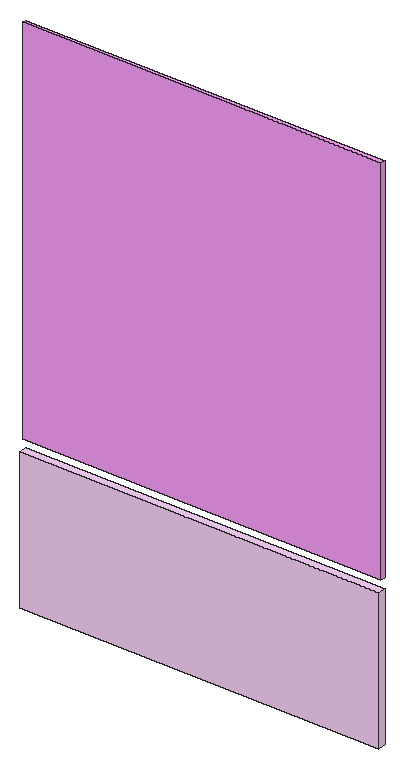
Revit family "EXP_WT-1A_CPan-018", category Curtain Panels, Revit 2021
Family settings
  OmniClass Number = 23.25.20.14.11.11.17
  OmniClass Title = Infill Panels
  Always vertical = Yes
  Cut with Voids When Loaded = No
  Shared = No
Parameters (values of type "H2 = 3' 7 1/2"")
  codifica [instance] = 900000
  UI-UnitNumber [instance] = "001"
  UI-Quadrant [instance] = "SE"
  UI-ProjectAbbreviation = "NEU"
  UI-ItemCategory = "PID"
  UI-FloorNumber [instance] = "03"
  PNT-WallType = "WT1A"
  PNT-ProjectAbbreviation = "NEU"
  PNT-PanelType [instance] = "01"
  PNT-ItemCategory = "PNL"
  GlassSPH2(x2) [instance] = 0' - 2 3/16"
  GlassSPH1 [instance] = 0' - 1 1/8"
  GlassH2 [instance] = IG-1F(Glass)
  GlassH1 [instance] = IG-3F(Glass)
  Define Thermal Properties by = Schematic Type
  CellSp = 0' - 10 3/16"
  CellL [instance] = 8' - 10"
  CellH2 = 3' - 7 1/2"
  CellH1 [instance] = CellH - CellH2  # 9' - 3 1/2"
  CellH [instance] = 12' - 11"
  Analytic Construction = "<None>"
Reference planes (in)
  plane 1 "Center (Front/Back)": y = 0
  plane 2: z = 0
  plane 3 "Center (Left/Right)": x = 0
  plane 4 "Left": x = -53
  plane 5 "Right": x = 53
  plane 6 "Top": z = 155
  plane 7: z = 43.5
  plane 8: y = -10.1875
Forms (in)
  Extrusion 1, solid, material "IG-1F(Glass)" <- "GlassH2", detail levels coarse+medium
    sketch origin (0, 0, 0) x (0, 1, 0) y (0, 0, 1)
      loop
        line (-10.1875, 43.5) -> (-10.1875, 0) -> (0, 0) -> (0, 43.5) -> (-10.1875, 43.5)
    from -53 to 53
  Extrusion 2, solid, material "IG-3F(Glass)" <- "GlassH1", detail levels coarse+medium
    sketch origin (0, 0, 0) x (0, 1, 0) y (0, 0, 1)
      loop
        line (-10.1875, 155) -> (-10.1875, 43.5) -> (0, 43.5) -> (0, 155) -> (-10.1875, 155)
    from -53 to 53
Text (in)
  text "Exterior" at (-92.59733, 55.75508, 0), in view "Ref. Level"
  text "Exterior" at (0, 90.18664, 173.49264), in view "Left"
  text "Exterior" at (0, 52.29083, 162.21847), in view "Right"
Dimensions and locks (in)
  equal spacing: plane 4 "Left", plane 3 "Center (Left/Right)", plane 5 "Right"  (x2)
  "CellH2": plane 2 to plane 7
  "CellH1": plane 7 to plane 6 "Top"
  Extrusion 2 sketch curve to Extrusion 2 sketch curve = 0' - 10 3/16"
  "CellL": plane 4 "Left" to plane 5 "Right"
  "CellH": plane 2 to plane 6 "Top"
  "CellSp": plane 8 to plane 1 "Center (Front/Back)"
  aligned and locked: level to plane 2
  aligned and locked: Extrusion 1 sketch curve to plane 7
  aligned and locked: plane 8 to Extrusion 1 sketch curve
  aligned and locked: level to Extrusion 1 sketch curve
  aligned and locked: plane 1 "Center (Front/Back)" to Extrusion 1 sketch curve
  aligned and locked: plane 4 "Left" to Extrusion 1
  aligned and locked: Extrusion 1 to plane 5 "Right"
  aligned and locked: plane 6 "Top" to Extrusion 2 sketch curve
  aligned and locked: plane 8 to Extrusion 2 sketch curve
  aligned and locked: Extrusion 2 to plane 5 "Right"
  aligned and locked: plane 4 "Left" to Extrusion 2
  aligned and locked: Extrusion 2 to plane 1 "Center (Front/Back)"
  aligned and locked: nested 1 to Extrusion 1  (x2)
  aligned and locked: nested 1 to plane 5 "Right"
  aligned and locked: nested 2 to Extrusion 2  (x2)
  aligned and locked: nested 2 to level
  aligned and locked: plane 1 "Center (Front/Back)" to nested 3
  aligned and locked: plane 5 "Right" to nested 3
  aligned and locked: plane 4 "Left" to nested 3
  aligned and locked: Extrusion 2 to plane 6 "Top"
  aligned and locked: Extrusion 1 to level
  aligned and locked: plane 1 "Center (Front/Back)" to nested 4
  aligned and locked: plane 7 to nested 4
  aligned and locked: plane 4 "Left" to nested 4
  aligned and locked: plane 5 "Right" to nested 4
  aligned and locked: plane 2 to nested 4
  aligned and locked: plane 1 "Center (Front/Back)" to nested 5
  aligned and locked: nested 5 to plane 6 "Top"
  aligned and locked: plane 7 to nested 5
  aligned and locked: plane 5 "Right" to nested 5
  aligned and locked: plane 4 "Left" to nested 5
Automatic sketch dimensions
  Extrusion 2 sketch curve to plane 7 = 0' - 0"
Nested families (in)
  nested 1: "EXP_WT-1A_DetO-001" at (-53, 0, 0), type "EXP_WT-1A_DetO-001"
    with built-in parameter 1001306 8.8333 (stored number, unit not read)
  nested 2: "EXP_WT-1A_DetO-003" at (0, 0, 155) x (0, 0, -1) z (1, 0, 0), CellH1 <- "CellH1", CellH2 <- "CellH2", type "EXP_WT-1A_DetO-003"
    with built-in parameter 1001306 12.917 (stored number, unit not read), CellH2 3' - 7 1/2", CellH1 9' - 3 1/2"
  nested 3: "EXP_xx_DetO-002" at (0, 0, 0), CellH <- "CellH", CellL <- "CellL", type "EXP_xx_DetO-002", detail levels coarse
    with CellL 8' - 10", CellH 12' - 11"
  nested 4: "EXP_WT-1x_IG-001" at (0, 0, 21.75), MaterialGlass <- "GlassH2", GlassSP <- "GlassSPH2(x2)", type "GlassSP = H", detail levels fine
    with MaterialGlass IG-1F(Glass), GlassSP 0' - 2 3/16", GlassL 8' - 8.12549", GlassH 3' - 4.62598", CellL 8' - 10", CellH 3' - 7 1/2"
  nested 5: "EXP_WT-1x_IG-001" at (0, 0, 99.25), MaterialGlass <- "GlassH1", GlassSP <- "GlassSPH1", type "GlassSP = H", detail levels fine
    with MaterialGlass IG-3F(Glass), GlassSP 0' - 1 1/8", GlassL 8' - 8.12549", GlassH 9' - 0.62598", CellL 8' - 10", CellH 9' - 3 1/2"
Definition of nested family "EXP_WT-1x_IG-001"
  Parameters (values of type "H2 _ GlassSP = 1 1/4"")
    MaterialGlass [instance] = none
    GlassSP [instance] = 0' - 1 1/4"
    GlassL [instance] = CellL - (GlassD1 + GlassD3)  # 3' - 10.94439"
    GlassH [instance] = CellH - (GlassD2 + GlassD4)  # 6' - 6.64788"
    GlassD4 = 0' - 1.43701"
    GlassD3 = 0' - 0.93701"
    GlassD2 = 0' - 0 1/2"
    GlassD1 = 0' - 0 15/16"
    GMPI-ProjectAbbreviation = "NEU"
    GMPI-IteamCategory = "GLS"
    Default Elevation = 0' - 0"
    CellL [instance] = 4' - 0.8189"
    CellH [instance] = 6' - 8.58489"
  Types (12): name | GlassSP | GlassL | GlassH | GlassD4 | GlassD2 | GlassD1
    H2(x2) _ GlassSP = 2 1/8" | 0' - 2.12598" | 3' - 10.94488" | 6' - 6.64788" | 0' - 1.43701" | 0' - 0 1/2" | 0' - 0.93701"
    H1 _ GlassSP = 1 1/4" | 0' - 1 1/4" | 3' - 10.94439" | 6' - 6.89739" | 0' - 0 1/4" | 0' - 1 7/16" | 0' - 0 15/16"
    H2(x3) _ GlassSP = 2 1/8" | 0' - 2.12598" | 3' - 10.94488" | 6' - 7.83489" | 0' - 0 1/4" | 0' - 0 1/2" | 0' - 0.93701"
    H3 _ GlassSP = 1 1/4" | 0' - 1 1/4" | 3' - 10.94439" | 6' - 6.64788" | 0' - 1.43701" | 0' - 0 1/2" | 0' - 0 15/16"
    H _ GlassSP = 2 1/8" | 0' - 2.12598" | 3' - 10.94488" | 6' - 5.71088" | 0' - 1.43701" | 0' - 1.43701" | 0' - 0.93701"
    H _ GlassSP = 1 1/4" | 0' - 1 1/4" | 3' - 10.94439" | 6' - 5.71088" | 0' - 1.43701" | 0' - 1.43701" | 0' - 0 15/16"
    H2 _ GlassSP = 1 1/4" | 0' - 1 1/4" | 3' - 10.94439" | 6' - 6.64788" | 0' - 1.43701" | 0' - 0 1/2" | 0' - 0 15/16"
    GlassSP = H | 0' - 1 1/4" | 3' - 10.94439" | 6' - 5.71088" | 0' - 1.43701" | 0' - 1.43701" | 0' - 0 15/16"
    GlassSP = H3 | 0' - 1 1/4" | 3' - 10.94439" | 6' - 6.64788" | 0' - 1.43701" | 0' - 0 1/2" | 0' - 0 15/16"
    GlassSP = H2(x3) | 0' - 2.12598" | 3' - 10.94488" | 6' - 7.83489" | 0' - 0 1/4" | 0' - 0 1/2" | 0' - 0.93701"
    GlassSP = H2(x2) | 0' - 2.12598" | 3' - 10.94488" | 6' - 6.64788" | 0' - 1.43701" | 0' - 0 1/2" | 0' - 0.93701"
    GlassSP = H1 | 0' - 1 1/4" | 3' - 10.94439" | 6' - 6.89739" | 0' - 0 1/4" | 0' - 1 7/16" | 0' - 0 15/16"
  Reference planes (in)
    plane 1 "Center (Front/Back)": y = 0
    plane 2: z = 0
    plane 3 "Center (Left/Right)": x = 0
    plane 4: x = -24.40945
    plane 5: x = 24.40945
    plane 6: z = 40.29245
    plane 7: x = -23.47195
    plane 8: x = 23.47244
    plane 9: z = -40.29245
    plane 10: z = 39.79245
    plane 11: z = -38.85544
  Forms (in)
    Extrusion 1, solid, material <- "MaterialGlass"
      sketch origin (0, 0, 0) x (1, 0, 0) y (0, 0, 1)
        loop
          line (-23.47195, -38.85544) -> (23.47244, -38.85544) -> (23.47244, 39.79245) -> (-23.47195, 39.79245) -> (-23.47195, -38.85544)
      from 0 to 1.25 <- "GlassSP"
  Dimensions and locks (in)
    equal spacing: plane 6, level, plane 9
    "CellH": plane 6 to plane 9
    "GlassD2": plane 6 to plane 10
    "GlassD4": plane 11 to plane 9
    equal spacing: plane 4, plane 3 "Center (Left/Right)", plane 5
    "CellL": plane 4 to plane 5
    "GlassD1": plane 4 to plane 7
    "GlassD3": plane 5 to plane 8
    aligned and locked: level to plane 2
    aligned and locked: Extrusion 1 sketch curve to plane 11
    aligned and locked: Extrusion 1 sketch curve to plane 7
    aligned and locked: plane 10 to Extrusion 1 sketch curve
    aligned and locked: plane 8 to Extrusion 1 sketch curve
Definition of nested family "EXP_WT-1A_DetO-001"
  Parameters (values of type "EXP_WT-1A_DetO-001")
    built-in parameter 1001306 [instance] = 5' - 2.99213"
  Reference planes (in)
    plane 1 "Center (Front/Back)": y = 0
    plane 2: z = 0
    plane 3 "Left": x = 0
    plane 4 "Right": x = 62.99213
  Lines and regions (in)
    reference lines, in view "Ref. Level"
      curve 1: line (0, 0, 0) -> (62.99213, 0, 0)
    detail lines, in view "Ref. Level"
      curve 2: line (0.25, 0, 0) -> (0.5458, 0, 0)
      curve 3: line (0.25, 0, 0) -> (0.5458, 0, 0)
      curve 4: line (62.99213, -0.81795, 0) -> (62.99213, -10.1875, 0)
      curve 5: line (62.99213, -10.1875, 0) -> (60.99213, -10.1875, 0)
      curve 6: line (60.99213, -10.1875, 0) -> (60.99213, -2.43678, 0)
      curve 7: line (60.99213, -2.43678, 0) -> (62.44632, -2.43678, 0)
      curve 8: line (62.44632, -2.43678, 0) -> (62.44632, 0, 0)
      curve 9: line (62.44632, 0, 0) -> (62.74213, 0, 0)
      curve 10: line (62.74213, 0, 0) -> (62.74213, -0.81795, 0)
      curve 11: line (62.99213, -0.81795, 0) -> (62.74213, -0.81795, 0)
      curve 12: line (0.25, 0, 0) -> (0.25, -0.81795, 0)
      curve 13: line (0.25, 0, 0) -> (0.5458, 0, 0)
      curve 14: line (0, -0.81795, 0) -> (0.25, -0.81795, 0)
      curve 15: line (0, -0.81795, 0) -> (0, -10.1875, 0)
      curve 16: line (2, -10.1875, 0) -> (0, -10.1875, 0)
      curve 17: line (2, -2.43676, 0) -> (2, -10.1875, 0)
      curve 18: line (0.5458, -2.43676, 0) -> (2, -2.43676, 0)
      curve 19: line (0.5458, -2.43676, 0) -> (0.5458, 0, 0)
      curve 20: line (0.94241, 0, 0) -> (62.04971, 0, 0)
      curve 21: line (0.94241, -1.31, 0) -> (0.94241, 0, 0)
      curve 22: line (0.94241, -1.31, 0) -> (62.04971, -1.31, 0)
      curve 23: line (62.04971, -1.31, 0) -> (62.04971, 0, 0)
  Dimensions and locks (in)
    "built-in parameter 1001306": plane 3 "Left" to plane 4 "Right"
    aligned and locked: plane 1 "Center (Front/Back)" to curve 1
    aligned and locked: plane 3 "Left" to curve 1
    aligned and locked: plane 4 "Right" to curve 1
    aligned and locked: curve 4 to plane 4 "Right"
    aligned and locked: curve 1 to curve 13
    aligned and locked: curve 15 to plane 3 "Left"
    aligned and locked: curve 1 to curve 20
    aligned and locked: curve 5 to curve 16
  Automatic sketch dimensions
    plane 1 "Center (Front/Back)" to curve 9 = 0' - 0"
    curve 2 to curve 2 = 0' - 0.2958"
    curve 7 to plane 4 "Right" = 0' - 2"
    curve 9 to plane 4 "Right" = 0' - 0.5458"
    curve 10 to curve 4 = 0' - 0 1/4"
    plane 1 "Center (Front/Back)" to curve 4 = 0' - 0.81795"
    curve 7 to curve 10 = 0' - 1.61883"
    curve 5 to curve 7 = 0' - 7.75072"
    plane 1 "Center (Front/Back)" to curve 15 = 0' - 0.81795"
    plane 3 "Left" to curve 16 = 0' - 2"
    curve 17 to curve 12 = 0' - 1.61881"
    plane 3 "Left" to curve 20 = 0' - 0.94241"
    curve 23 to curve 10 = 0' - 0.69242"
    curve 23 to curve 10 = 0' - 0.49205"
    plane 3 "Left" to curve 14 = 0' - 0 1/4"
Definition of nested family "EXP_WT-1A_DetO-003"
  Parameters (values of type "EXP_WT-1A_DetO-003")
    built-in parameter 1001306 [instance] = 12' - 11"
    CellH2 [instance] = 9' - 8"
    CellH1 [instance] = 3' - 3"
    CellH [instance] = 12' - 11"
  Reference planes (in)
    plane 1 "Center (Front/Back)": y = 0
    plane 2: z = 0
    plane 3 "Left": x = 0
    plane 4 "Right": x = 155
    plane 5: x = 39
  Lines and regions (in)
    reference lines, in view "Ref. Level"
      curve 1: line (0, 0, 0) -> (155, 0, 0)
    detail lines, in view "Ref. Level"
      curve 2: line (37.25001, -10.1875, 0) -> (37.25001, -2.41263, 0)
      curve 3: line (37.25001, -2.41263, 0) -> (40.74999, -2.41263, 0)
      curve 4: line (40.74999, -2.41263, 0) -> (40.74999, -10.1875, 0)
      curve 5: line (40.74999, -10.1875, 0) -> (37.25001, -10.1875, 0)
      curve 6: line (39.27639, -2.185, 0) -> (39.27639, 0, 0)
      curve 7: line (39.27639, 0, 0) -> (153.80789, 0, 0)
      curve 8: line (153.80789, -2.185, 0) -> (39.27639, -2.185, 0)
      curve 9: line (38.52639, -1.31, 0) -> (38.52639, 0, 0)
      curve 10: line (38.52639, 0, 0) -> (1.19241, 0, 0)
      curve 11: line (38.52639, -1.31, 0) -> (1.19241, -1.31, 0)
      curve 12: line (0, -10.1875, 0) -> (2.125, -10.1875, 0)
      curve 13: line (0, -0.81812, 0) -> (0, -10.1875, 0)
      curve 14: line (0.5, 0, 0) -> (0.5, -0.81812, 0)
      curve 15: line (0.5, 0, 0) -> (0.7958, 0, 0)
      curve 16: line (0, -0.81812, 0) -> (0.5, -0.81812, 0)
      curve 17: line (0.7958, -2.43676, 0) -> (0.7958, 0, 0)
      curve 18: line (2.125, -2.43676, 0) -> (0.7958, -2.43676, 0)
      curve 19: line (2.125, -10.1875, 0) -> (2.125, -2.43676, 0)
      curve 20: line (1.19241, -1.31, 0) -> (1.19241, 0, 0)
      curve 21: line (155, 60, 0) -> (155, -10.1875, 0)
      curve 22: line (155, -10.1875, 0) -> (151.625, -10.1875, 0)
      curve 23: line (151.625, -10.1875, 0) -> (151.625, -2.43679, 0)
      curve 24: line (151.625, -2.43679, 0) -> (154.2042, -2.43679, 0)
      curve 25: line (154.2042, -2.43679, 0) -> (154.2042, 0, 0)
      curve 26: line (154.5, 0, 0) -> (154.5, -0.81812, 0)
      curve 27: line (154.2042, 0, 0) -> (154.5, 0, 0)
      curve 28: line (155, -0.81812, 0) -> (154.5, -0.81812, 0)
      curve 29: line (155, -0.81812, 0) -> (155, -10.1875, 0)
      curve 30: line (153.80789, -2.185, 0) -> (153.80789, 0, 0)
  Dimensions and locks (in)
    "built-in parameter 1001306": plane 3 "Left" to plane 4 "Right"
    "CellH": plane 3 "Left" to plane 4 "Right"
    "CellH2": plane 5 to plane 4 "Right"
    "CellH1": plane 3 "Left" to plane 5
    aligned and locked: plane 1 "Center (Front/Back)" to curve 1
    aligned and locked: plane 3 "Left" to curve 1
    aligned and locked: plane 4 "Right" to curve 1
    aligned and locked: curve 1 to curve 7
    aligned and locked: curve 10 to plane 1 "Center (Front/Back)"
    aligned and locked: curve 13 to plane 3 "Left"
    aligned and locked: curve 1 to curve 15
    aligned and locked: curve 21 to plane 4 "Right"
    aligned and locked: curve 29 to plane 4 "Right"
    aligned and locked: curve 5 to curve 12
    aligned and locked: curve 22 to curve 5
  Automatic sketch dimensions
    plane 5 to curve 3 = 0' - 1 3/4"
    plane 1 "Center (Front/Back)" to curve 3 = 0' - 2.41263"
    curve 5 to plane 5 = 0' - 1 3/4"
    plane 5 to curve 6 = 0' - 0.27639"
    curve 6 to curve 6 = 0' - 2.185"
    curve 9 to plane 5 = 0' - 0.47361"
    plane 1 "Center (Front/Back)" to curve 13 = 0' - 0.81812"
    plane 3 "Left" to curve 14 = 0' - 0 1/2"
    curve 14 to curve 17 = 0' - 0.2958"
    curve 17 to curve 18 = 0' - 1.3292"
    curve 18 to curve 14 = 0' - 1.61864"
    curve 14 to curve 20 = 0' - 0.69242"
    curve 20 to curve 14 = 0' - 0.49188"
    curve 21 to plane 1 "Center (Front/Back)" = 5' - 0"
    curve 24 to curve 24 = 0' - 2.5792"
    plane 1 "Center (Front/Back)" to curve 27 = 0' - 0"
    curve 25 to curve 26 = 0' - 0.2958"
    curve 28 to curve 28 = 0' - 0 1/2"
    curve 30 to curve 24 = 0' - 0.39631"
    curve 24 to curve 30 = 0' - 0.25179"
    plane 1 "Center (Front/Back)" to curve 26 = 0' - 0.81812"
    curve 22 to curve 24 = 0' - 7.75071"
Definition of nested family "EXP_xx_DetO-002"
  Parameters (values of type "EXP_xx_DetO-002")
    Default Elevation = 0' - 0"
    CellL [instance] = 5' - 4.56693"
    CellH [instance] = 5' - 2.99213"
  Reference planes (in)
    plane 1 "Center (Front/Back)": y = 0
    plane 2: z = 0
    plane 3 "Center (Left/Right)": x = 0
    plane 4: x = -32.28346
    plane 5: x = 32.28346
    plane 6: z = 62.99213
  Lines and regions (in)
    model lines
      curve 1: line (-32.28346, 0, 62.99213) -> (32.28346, 0, 0)
      curve 2: line (32.28346, 0, 62.99213) -> (-32.28346, 0, 0)
  Dimensions and locks (in)
    "CellH": plane 6 to level
    equal spacing: plane 4, plane 3 "Center (Left/Right)", plane 5
    "CellL": plane 4 to plane 5
    aligned and locked: level to plane 2
  Automatic sketch dimensions
    curve 2 to level = 0' - 0"
    plane 4 to curve 2 = 0' - 0"
    plane 4 to curve 1 = 0' - 0"
    plane 5 to curve 2 = 0' - 0"
    curve 1 to level = 0' - 0"
    plane 5 to curve 1 = 0' - 0"
    curve 2 to plane 6 = 0' - 0"
    curve 1 to plane 6 = 0' - 0"
